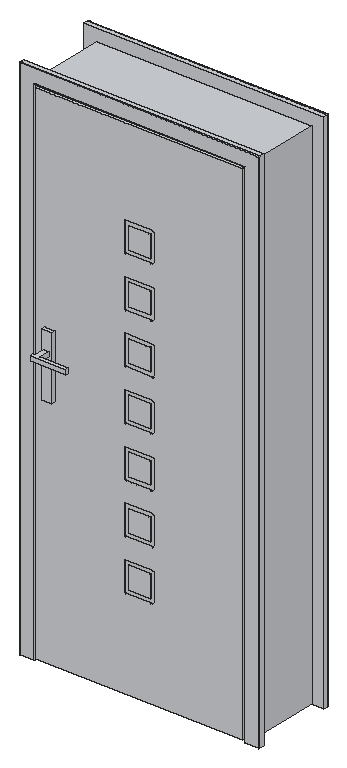
Revit family "PortaFOCUSbp_1C", category Drzwi, Revit 2016
Family settings
  Obiekt nadrzędny = Ściana
  Zawsze pionowo = Tak
  Tnij formami wycięć po wczytaniu = Nie
  Współdzielony = Nie
  Punkt obliczania pomieszczeń = Nie
Parameters (values of type "PN 80")
  Zakres szerokości muru [instance] = if(and(Szerokość ściany > 94 mm, Szerokość ściany < 120 mm), "B", (if(and(Szerokość ściany > 119 mm, Szerokość ściany < 140 mm), "C", (if(and(Szerokość ściany > 139 mm, Szerokość ściany < 160 mm), "D", (if(and(Szerokość ściany > 159 mm, Szerokość ściany < 180 mm), "E", (if(and(Szerokość ściany > 179 mm, Szerokość ściany < 200 mm), "F", (if(and(Szerokość ściany > 199 mm, Szerokość ściany < 220 mm), "G", (if(and(Szerokość ściany > 219 mm, Szerokość ściany < 240 mm), "H", (if(and(Szerokość ściany > 239 mm, Szerokość ściany < 260 mm), "I", (if(and(Szerokość ściany > 259 mm, Szerokość ściany < 280 mm), "J", (if(and(Szerokość ściany > 279 mm, Szerokość ściany < 301 mm), "K", "BRAK")))))))))))))))))))  # "K"
  Wysokość brutto = 2060 mm
  Szerokość ściany [instance] = 300 mm
  Szerokość brutto = 880 mm
  Model = "Porta Focus 1C"
  Konstrukcja analityczna = "<Brak>"
  Funkcja = Wewnętrzna
  URL = "www.porta.com.pl"
  Ss = 818 mm
  Sb = 846 mm
  Producent = "PORTA KMI POLAND"
  Keynote = ""
  Opis = "Własność Porta KMI Poland, wszelkie prawa zastrzeżone."  # constant formula
  Wysokość = 2016 mm
  Zakończenie ściany = Wg obiektu nadrzędnego
  Szerokość = 800 mm
  Materiał_skrzydło [instance] = none
  Materiał_ościeżnica [instance] = none
  Materiał_klamka [instance] = none
  Hs = 2017 mm
Types (5, lengths in mm): name | Szerokość brutto | Ss | Sb | Szerokość
  PN 70 | 780 | 718 | 746 | 700
  PN 60 | 680 | 618 | 646 | 600
  PN 80 | 880 | 818 | 846 | 800
  PN 90 | 980 | 918 | 946 | 900
  PN 100 | 1080 | 1018 | 1046 | 1000
Reference planes
  plane 1: y = 0
  plane 2 "Środek (Lewa/Prawa)": x = 0
  plane 3 "Lewy": x = -440
  plane 4 "Prawy": x = 440
  plane 5: z = 2060
  plane 6 "Zewnętrzna": y = 150
  plane 7 "Wewnętrzna": y = -150
  plane 8 "skrzydło": y = -129
Forms (mm)
  Sweep 1, solid, material <- "Materiał_ościeżnica"
    path in 3D
      loop
        line (-440, -150, 0) -> (-440, -150, 2060) -> (440, -150, 2060) -> (440, -150, 0)
    profile origin (-440, -150, 1030) x (0, -1, 0) y (1, 0, 0)
      loop
        line (-24, 39) -> (-72, 39) -> (-72, 17) -> (0, 17) -> (0, -33) -> (16, -33)
        arc (16, -33) -> (18.121, -32.121) -> (19, -30) r 3
        line (19, -30) -> (19, 24)
        arc (19, 24) -> (18.121, 26.121) -> (16, 27) r 3
        line (16, 27) -> (-24, 27) -> (-24, 39)
  Sweep 2, solid, material <- "Materiał_ościeżnica"
    path in 3D
      loop
        line (440, 150, 0) -> (440, 150, 2060) -> (-440, 150, 2060) -> (-440, 150, 0)
    profile origin (-440, 150, 1030) x (1, 0, 0) y (0, 1, 0)
      loop
        line (-33, 0) -> (17, 0) -> (17, -228) -> (39, -228) -> (39, -1)
        arc (39, -1) -> (37.536, 2.536) -> (34, 4) r 5
        line (34, 4) -> (25, 4) -> (25, 16)
        arc (25, 16) -> (24.121, 18.121) -> (22, 19) r 3
        line (22, 19) -> (-30, 19)
        arc (-30, 19) -> (-32.121, 18.121) -> (-33, 16) r 3
        line (-33, 16) -> (-33, 0)
  Sweep 3, solid, not visible
    path in 3D
      loop
        line (-440, -150, 0) -> (-440, -150, 2060)
    profile origin (-440, -150, 1030) x (0, -1, 0) y (1, 0, 0)
      loop
        line (-151, 17) -> (-149, 17) -> (-149, 19) -> (-151, 19) -> (-151, 17)
Cuts and joins
  joined: Sweep 1, Sweep 2
Lines and regions (mm)
  Opening 1
    outline origin (-3050, -150, 0) x (1, 0, 0) y (0, 0, 1)
      loop
        line (2610, 0) -> (3490, 0) -> (3490, 2060) -> (2610, 2060) -> (2610, 0)
  sketch lines
    curve 1: line (-440, -150, 0) -> (-440, -150, 2060)
    curve 2: line (-440, -150, 2060) -> (440, -150, 2060)
    curve 3: line (440, -150, 2060) -> (440, -150, 0)
    curve 4: line (-440, 150, 2060) -> (-440, 150, 0)
    curve 5: line (440, 150, 2060) -> (-440, 150, 2060)
    curve 6: line (440, 150, 0) -> (440, 150, 2060)
    curve 12: line (-440, -150, 0) -> (-440, -150, 2060)
  symbolic lines, style "DoorsPanelProjection"
    curve 7: line (409, -150, 0) -> (409, -968, 0)
    curve 8: line (409, -968, 0) -> (369, -968, 0)
    curve 9: line (369, -968, 0) -> (369, -150, 0)
    curve 10: line (369, -150, 0) -> (409, -150, 0)
  symbolic lines, style "Ugięcie rzutu"
    curve 11: arc (-409, -150, 0) -> (-169.413, -728.413, 0) -> (409, -968, 0) r 818
Text (mm)
  text "Zewnętrzna" at (-2295.016, 1099.543, 0), in view "Poziom odniesienia"
  text "Zewnętrzna" at (0, 1615.38, 3698.081), in view "Lewy"
  text "Zewnętrzna" at (0, 1036.032, 3874.932), in view "Prawy"
Dimensions and locks
  equal spacing: plane 3 "Lewy", plane 2 "Środek (Lewa/Prawa)", plane 4 "Prawy"
  "Szerokość brutto": plane 3 "Lewy" to plane 4 "Prawy"
  "Wysokość brutto": plane 5 to host wall
  host wall to plane 5 = 2060 mm  (x2)
  locked: plane 6 "Zewnętrzna" to host wall at 0
  locked: plane 7 "Wewnętrzna" to host wall
  "Sb": Sweep 1 to Sweep 1
  locked: Sweep 1 sketch curve to Sweep 1 sketch curve at 22
  Sweep 1 sketch curve to Sweep 1 sketch curve = 50 mm
  locked: Sweep 1 sketch curve to profile plane at 72
  locked: Sweep 2 sketch curve to Sweep 2 sketch curve at 50
  locked: Sweep 2 sketch curve to Sweep 2 sketch curve at 22
  locked: Sweep 2 sketch curve to plane 6 "Zewnętrzna" at 1
  locked: curve 9 to curve 7 at 40
  "Ss": curve 8 to curve 10
  equal spacing: curve 11, plane 2 "Środek (Lewa/Prawa)", curve 7
  locked: plane 7 "Wewnętrzna" to plane 8 "skrzydło" at 21
  locked: host wall to Sweep 3 sketch curve at 1
  locked: Sweep 3 sketch curve to host wall at 1
  locked: Sweep 3 sketch curve to plane 6 "Zewnętrzna" at 151
  locked: plane 7 "Wewnętrzna" to Sweep 3 sketch curve at 151
  nested 1 to plane 2 "Środek (Lewa/Prawa)" to nested 1 = 409 mm, 409 mm
  locked: nested 1 to level at 8
  "Szerokość ściany": host wall to host wall
  aligned and locked: plane 3 "Lewy" to Opening 1 sketch curve
  aligned and locked: plane 5 to Opening 1 sketch curve  (x2)
  aligned and locked: Opening 1 sketch curve to plane 4 "Prawy"
  aligned and locked: Opening 1 sketch curve to level
  aligned and locked: plane 1 to host wall
  aligned and locked: Sweep 1 to Sweep 2 sketch curve
  aligned and locked: plane 7 "Wewnętrzna" to curve 10
  aligned and locked: Sweep 3 sketch curve to cut or joined group of Sweep 1, Sweep 2
  aligned and locked: Sweep 2 sketch curve to cut or joined group of Sweep 1, Sweep 2
  aligned and locked: nested 1 to plane 8 "skrzydło"
  aligned and locked: plane 2 "Środek (Lewa/Prawa)" to nested 1
Automatic sketch dimensions
  profile plane to Sweep 1 sketch curve = 24 mm
  Sweep 1 sketch curve to profile plane = 16 mm  (x2)
  Sweep 1 sketch curve to Sweep 1 sketch curve = 3 mm
  profile plane to Sweep 1 sketch curve = 17 mm
  Sweep 1 sketch curve to Sweep 1 sketch curve = 7 mm
  Sweep 1 sketch curve to profile plane = 0 mm
  Sweep 2 sketch curve to profile plane = 0 mm
  Sweep 2 sketch curve to profile plane = 16 mm
  Sweep 2 sketch curve to Sweep 2 sketch curve = 3 mm
  Sweep 2 sketch curve to Sweep 2 sketch curve = 5 mm
  Sweep 2 sketch curve to profile plane = 4 mm
  Sweep 2 sketch curve to Sweep 2 sketch curve = 8 mm
  curve 11 to host wall = 0 mm
  Sweep 3 sketch curve to Sweep 3 sketch curve = 2 mm
Nested families
  nested 1: "skrzydło" at (0, -135.5, 0), Materiał_klamka <- "Materiał_klamka", Materiał_skrzydło <- "Materiał_skrzydło", type "skrzydło"
    with Materiał_skrzydło none, Materiał_klamka none
Definition of nested family "skrzydło"
  Parameters
    Ss = 818 mm
    Materiał_skrzydło [instance] = none
    Materiał_klamka [instance] = none
    Hs = 2017 mm
  Reference planes
    plane 1 "Tył": y = 6.5
    plane 2: z = 0
    plane 3 "Środek (Lewa/Prawa)": x = 0
    plane 4 "Przód": y = -33.5
    plane 5: z = 2025
    plane 6 "Centrum": y = -13.5
    plane 7: z = 8
    plane 8: x = -409
    plane 9: x = 409
  Forms (mm)
    Extrusion 1, solid, material <- "Materiał_skrzydło"
      sketch origin (-1191.728, -1524, 8) x (-1, 0, 0) y (0, -1, 0)
        loop
          line (-1600.728, -1490.5) -> (-1600.728, -1530.5) -> (-782.728, -1530.5) -> (-782.728, -1490.5) -> (-1600.728, -1490.5)
      from 0 to 2017
    Extrusion 2, void
      sketch origin (-2050.117, -33.5, 1200) x (1, 0, 0) y (0, 0, 1)
        loop
          arc (2110.117, 473.75) -> (2107.408, 480.291) -> (2100.867, 483) r 9.25
          line (2100.867, 483) -> (1999.367, 483)
          arc (1999.367, 483) -> (1992.826, 480.291) -> (1990.117, 473.75) r 9.25
          line (1990.117, 473.75) -> (1990.117, 372.25)
          arc (1990.117, 372.25) -> (1992.826, 365.709) -> (1999.367, 363) r 9.25
          line (1999.367, 363) -> (2100.867, 363)
          arc (2100.867, 363) -> (2107.408, 365.709) -> (2110.117, 372.25) r 9.25
          line (2110.117, 372.25) -> (2110.117, 473.75)
        loop
          arc (2110.117, 273.75) -> (2107.408, 280.291) -> (2100.867, 283) r 9.25
          line (2100.867, 283) -> (1999.367, 283)
          arc (1999.367, 283) -> (1992.826, 280.291) -> (1990.117, 273.75) r 9.25
          line (1990.117, 273.75) -> (1990.117, 172.25)
          arc (1990.117, 172.25) -> (1992.826, 165.709) -> (1999.367, 163) r 9.25
          line (1999.367, 163) -> (2100.867, 163)
          arc (2100.867, 163) -> (2107.408, 165.709) -> (2110.117, 172.25) r 9.25
          line (2110.117, 172.25) -> (2110.117, 273.75)
        loop
          arc (2110.117, 73.75) -> (2107.408, 80.291) -> (2100.867, 83) r 9.25
          line (2100.867, 83) -> (1999.367, 83)
          arc (1999.367, 83) -> (1992.826, 80.291) -> (1990.117, 73.75) r 9.25
          line (1990.117, 73.75) -> (1990.117, -27.75)
          arc (1990.117, -27.75) -> (1992.826, -34.291) -> (1999.367, -37) r 9.25
          line (1999.367, -37) -> (2100.867, -37)
          arc (2100.867, -37) -> (2107.408, -34.291) -> (2110.117, -27.75) r 9.25
          line (2110.117, -27.75) -> (2110.117, 73.75)
        loop
          arc (2100.867, -237) -> (2107.408, -234.291) -> (2110.117, -227.75) r 9.25
          line (2110.117, -227.75) -> (2110.117, -126.25)
          arc (2110.117, -126.25) -> (2107.408, -119.709) -> (2100.867, -117) r 9.25
          line (2100.867, -117) -> (1999.367, -117)
          arc (1999.367, -117) -> (1992.826, -119.709) -> (1990.117, -126.25) r 9.25
          line (1990.117, -126.25) -> (1990.117, -227.75)
          arc (1990.117, -227.75) -> (1992.826, -234.291) -> (1999.367, -237) r 9.25
          line (1999.367, -237) -> (2100.867, -237)
        loop
          arc (2110.117, -326.25) -> (2107.408, -319.709) -> (2100.867, -317) r 9.25
          line (2100.867, -317) -> (1999.367, -317)
          arc (1999.367, -317) -> (1992.826, -319.709) -> (1990.117, -326.25) r 9.25
          line (1990.117, -326.25) -> (1990.117, -427.75)
          arc (1990.117, -427.75) -> (1992.826, -434.291) -> (1999.367, -437) r 9.25
          line (1999.367, -437) -> (2100.867, -437)
          arc (2100.867, -437) -> (2107.408, -434.291) -> (2110.117, -427.75) r 9.25
          line (2110.117, -427.75) -> (2110.117, -326.25)
        loop
          arc (2110.117, -526.25) -> (2107.408, -519.709) -> (2100.867, -517) r 9.25
          line (2100.867, -517) -> (1999.367, -517)
          arc (1999.367, -517) -> (1992.826, -519.709) -> (1990.117, -526.25) r 9.25
          line (1990.117, -526.25) -> (1990.117, -627.75)
          arc (1990.117, -627.75) -> (1992.826, -634.291) -> (1999.367, -637) r 9.25
          line (1999.367, -637) -> (2100.867, -637)
          arc (2100.867, -637) -> (2107.408, -634.291) -> (2110.117, -627.75) r 9.25
          line (2110.117, -627.75) -> (2110.117, -526.25)
        loop
          arc (2110.117, -726.25) -> (2107.408, -719.709) -> (2100.867, -717) r 9.25
          line (2100.867, -717) -> (1999.367, -717)
          arc (1999.367, -717) -> (1992.826, -719.709) -> (1990.117, -726.25) r 9.25
          line (1990.117, -726.25) -> (1990.117, -827.75)
          arc (1990.117, -827.75) -> (1992.826, -834.291) -> (1999.367, -837) r 9.25
          line (1999.367, -837) -> (2100.867, -837)
          arc (2100.867, -837) -> (2107.408, -834.291) -> (2110.117, -827.75) r 9.25
          line (2110.117, -827.75) -> (2110.117, -726.25)
        loop
          line (2093.517, 179.6) -> (2093.517, 266.4) -> (2006.717, 266.4) -> (2006.717, 179.6) -> (2093.517, 179.6)
        loop
          line (2093.517, 379.6) -> (2093.517, 466.4) -> (2006.717, 466.4) -> (2006.717, 379.6) -> (2093.517, 379.6)
        loop
          line (2093.517, -220.4) -> (2093.517, -133.6) -> (2006.717, -133.6) -> (2006.717, -220.4) -> (2093.517, -220.4)
        loop
          line (2093.517, -20.4) -> (2093.517, 66.4) -> (2006.717, 66.4) -> (2006.717, -20.4) -> (2093.517, -20.4)
        loop
          line (2093.517, -420.4) -> (2093.517, -333.6) -> (2006.717, -333.6) -> (2006.717, -420.4) -> (2093.517, -420.4)
        loop
          line (2093.517, -620.4) -> (2093.517, -533.6) -> (2006.717, -533.6) -> (2006.717, -620.4) -> (2093.517, -620.4)
        loop
          line (2093.517, -820.4) -> (2093.517, -733.6) -> (2006.717, -733.6) -> (2006.717, -820.4) -> (2093.517, -820.4)
      from -1 to 10
    Extrusion 3, void
      sketch origin (-2050.117, 6.5, 1200) x (1, 0, 0) y (0, 0, -1)
        loop
          line (2110.117, -473.75) -> (2110.117, -372.25)
          arc (2110.117, -372.25) -> (2107.408, -365.709) -> (2100.867, -363) r 9.25
          line (2100.867, -363) -> (1999.367, -363)
          arc (1999.367, -363) -> (1992.826, -365.709) -> (1990.117, -372.25) r 9.25
          line (1990.117, -372.25) -> (1990.117, -473.75)
          arc (1990.117, -473.75) -> (1992.826, -480.291) -> (1999.367, -483) r 9.25
          line (1999.367, -483) -> (2100.867, -483)
          arc (2100.867, -483) -> (2107.408, -480.291) -> (2110.117, -473.75) r 9.25
        loop
          line (2110.117, -273.75) -> (2110.117, -172.25)
          arc (2110.117, -172.25) -> (2107.408, -165.709) -> (2100.867, -163) r 9.25
          line (2100.867, -163) -> (1999.367, -163)
          arc (1999.367, -163) -> (1992.826, -165.709) -> (1990.117, -172.25) r 9.25
          line (1990.117, -172.25) -> (1990.117, -273.75)
          arc (1990.117, -273.75) -> (1992.826, -280.291) -> (1999.367, -283) r 9.25
          line (1999.367, -283) -> (2100.867, -283)
          arc (2100.867, -283) -> (2107.408, -280.291) -> (2110.117, -273.75) r 9.25
        loop
          line (2110.117, -73.75) -> (2110.117, 27.75)
          arc (2110.117, 27.75) -> (2107.408, 34.291) -> (2100.867, 37) r 9.25
          line (2100.867, 37) -> (1999.367, 37)
          arc (1999.367, 37) -> (1992.826, 34.291) -> (1990.117, 27.75) r 9.25
          line (1990.117, 27.75) -> (1990.117, -73.75)
          arc (1990.117, -73.75) -> (1992.826, -80.291) -> (1999.367, -83) r 9.25
          line (1999.367, -83) -> (2100.867, -83)
          arc (2100.867, -83) -> (2107.408, -80.291) -> (2110.117, -73.75) r 9.25
        loop
          line (2100.867, 237) -> (1999.367, 237)
          arc (1999.367, 237) -> (1992.826, 234.291) -> (1990.117, 227.75) r 9.25
          line (1990.117, 227.75) -> (1990.117, 126.25)
          arc (1990.117, 126.25) -> (1992.826, 119.709) -> (1999.367, 117) r 9.25
          line (1999.367, 117) -> (2100.867, 117)
          arc (2100.867, 117) -> (2107.408, 119.709) -> (2110.117, 126.25) r 9.25
          line (2110.117, 126.25) -> (2110.117, 227.75)
          arc (2110.117, 227.75) -> (2107.408, 234.291) -> (2100.867, 237) r 9.25
        loop
          line (2110.117, 326.25) -> (2110.117, 427.75)
          arc (2110.117, 427.75) -> (2107.408, 434.291) -> (2100.867, 437) r 9.25
          line (2100.867, 437) -> (1999.367, 437)
          arc (1999.367, 437) -> (1992.826, 434.291) -> (1990.117, 427.75) r 9.25
          line (1990.117, 427.75) -> (1990.117, 326.25)
          arc (1990.117, 326.25) -> (1992.826, 319.709) -> (1999.367, 317) r 9.25
          line (1999.367, 317) -> (2100.867, 317)
          arc (2100.867, 317) -> (2107.408, 319.709) -> (2110.117, 326.25) r 9.25
        loop
          line (2110.117, 526.25) -> (2110.117, 627.75)
          arc (2110.117, 627.75) -> (2107.408, 634.291) -> (2100.867, 637) r 9.25
          line (2100.867, 637) -> (1999.367, 637)
          arc (1999.367, 637) -> (1992.826, 634.291) -> (1990.117, 627.75) r 9.25
          line (1990.117, 627.75) -> (1990.117, 526.25)
          arc (1990.117, 526.25) -> (1992.826, 519.709) -> (1999.367, 517) r 9.25
          line (1999.367, 517) -> (2100.867, 517)
          arc (2100.867, 517) -> (2107.408, 519.709) -> (2110.117, 526.25) r 9.25
        loop
          line (2110.117, 726.25) -> (2110.117, 827.75)
          arc (2110.117, 827.75) -> (2107.408, 834.291) -> (2100.867, 837) r 9.25
          line (2100.867, 837) -> (1999.367, 837)
          arc (1999.367, 837) -> (1992.826, 834.291) -> (1990.117, 827.75) r 9.25
          line (1990.117, 827.75) -> (1990.117, 726.25)
          arc (1990.117, 726.25) -> (1992.826, 719.709) -> (1999.367, 717) r 9.25
          line (1999.367, 717) -> (2100.867, 717)
          arc (2100.867, 717) -> (2107.408, 719.709) -> (2110.117, 726.25) r 9.25
        loop
          line (2093.517, -179.6) -> (2006.717, -179.6) -> (2006.717, -266.4) -> (2093.517, -266.4) -> (2093.517, -179.6)
        loop
          line (2093.517, -379.6) -> (2006.717, -379.6) -> (2006.717, -466.4) -> (2093.517, -466.4) -> (2093.517, -379.6)
        loop
          line (2093.517, 220.4) -> (2006.717, 220.4) -> (2006.717, 133.6) -> (2093.517, 133.6) -> (2093.517, 220.4)
        loop
          line (2093.517, 20.4) -> (2006.717, 20.4) -> (2006.717, -66.4) -> (2093.517, -66.4) -> (2093.517, 20.4)
        loop
          line (2093.517, 420.4) -> (2006.717, 420.4) -> (2006.717, 333.6) -> (2093.517, 333.6) -> (2093.517, 420.4)
        loop
          line (2093.517, 620.4) -> (2006.717, 620.4) -> (2006.717, 533.6) -> (2093.517, 533.6) -> (2093.517, 620.4)
        loop
          line (2093.517, 820.4) -> (2006.717, 820.4) -> (2006.717, 733.6) -> (2093.517, 733.6) -> (2093.517, 820.4)
      from -1 to 10
  Cuts and joins
    Extrusion 2, Extrusion 3 cuts Extrusion 1
  Dimensions and locks
    locked: plane 7 to level at 8
    "Hs": plane 5 to plane 7
    locked: nested 1 to plane 7 at 934
    locked: plane 7 to nested 2 at 934
    equal spacing: plane 4 "Przód", plane 6 "Centrum", plane 1 "Tył"
    equal spacing: plane 8, plane 3 "Środek (Lewa/Prawa)", plane 9
    "Ss": plane 8 to plane 9
    locked: plane 8 to nested 1 at 55
    locked: plane 8 to nested 2 at 55
    aligned and locked: nested 1 to plane 4 "Przód"
    aligned and locked: plane 5 to Extrusion 1
    aligned and locked: nested 2 to nested 1
    aligned and locked: Extrusion 1 sketch curve to plane 8
    aligned and locked: Extrusion 1 sketch curve to plane 9
  Automatic sketch dimensions
    plane 1 "Tył" to Extrusion 1 sketch curve = 0 mm
    Extrusion 1 sketch curve to plane 4 "Przód" = 0 mm
    Extrusion 2 sketch curve to plane 3 "Środek (Lewa/Prawa)" = 60 mm  (x7)
    Extrusion 2 sketch curve to Extrusion 2 sketch curve = 9.25 mm  (x21)
    Extrusion 2 sketch curve to Extrusion 2 sketch curve = 7.35 mm  (x35)
    plane 3 "Środek (Lewa/Prawa)" to Extrusion 2 sketch curve = 43.4 mm  (x7)
    plane 7 to Extrusion 2 sketch curve = 355 mm
    Extrusion 2 sketch curve to Extrusion 2 sketch curve = 86.8 mm  (x7)
    Extrusion 2 sketch curve to Extrusion 2 sketch curve = 80 mm  (x6)
    Extrusion 3 sketch curve to plane 3 "Środek (Lewa/Prawa)" = 60 mm  (x7)
    Extrusion 3 sketch curve to Extrusion 3 sketch curve = 9.25 mm  (x21)
    Extrusion 3 sketch curve to Extrusion 3 sketch curve = 7.35 mm  (x35)
    plane 3 "Środek (Lewa/Prawa)" to Extrusion 3 sketch curve = 43.4 mm  (x7)
    Extrusion 3 sketch curve to plane 5 = 342 mm
    Extrusion 3 sketch curve to Extrusion 3 sketch curve = 86.8 mm  (x7)
    Extrusion 3 sketch curve to Extrusion 3 sketch curve = 80 mm  (x6)
  Nested families
    nested 1: "KLAMKA" at (-354, -33.5, 1067), Materiał klamki <- "Materiał_klamka", type "KLAMKA"
      with Materiał klamki none
    nested 2: "KLAMKA" at (-354, 6.5, 1067), Materiał klamki <- "Materiał_klamka", type "KLAMKA"
      with Materiał klamki none
  Definition of nested family "KLAMKA"
    Parameters
      Materiał klamki [instance] = none
      Assembly Code = ""
      Default Elevation = 1219.2 mm
    Reference planes
      plane 1 "Center (Front/Back)": y = 0
      plane 2: z = 0
      plane 3 "Center (Left/Right)": x = 0
      plane 4: z = 125
      plane 5: z = -125
      plane 6: x = 20
      plane 7: x = -20
      plane 8: y = -70
      plane 9: y = -60
      plane 10: x = 10
      plane 11: x = -10
      plane 12: x = 120
      plane 13: z = 35
      plane 14: z = 55
      plane 15: y = -15
    Forms (mm)
      Extrusion 1, solid, material <- "Materiał klamki"
        sketch origin (0, 0, 0) x (1, 0, 0) y (0, 0, 1)
          loop
            line (-20, 125) -> (-20, -125) -> (20, -125) -> (20, 125) -> (-20, 125)
        from 0 to 15
      Extrusion 2, solid, material <- "Materiał klamki"
        sketch origin (0, 0, 0) x (1, 0, 0) y (0, 1, 0)
          loop
            line (-10, -15) -> (-10, -60) -> (-20, -60) -> (-20, -70) -> (120, -70) -> (120, -60) -> (10, -60) -> (10, -15) -> (-10, -15)
        from 35 to 55
    Dimensions and locks
      equal spacing: plane 4, plane 2, plane 5
      plane 4 to plane 5 = 250 mm
      equal spacing: plane 7, plane 3 "Center (Left/Right)", plane 6
      plane 7 to plane 6 = 40 mm
      plane 8 to plane 1 "Center (Front/Back)" = 70 mm
      plane 11 to plane 3 "Center (Left/Right)" to plane 10 = 10 mm locked, 10 mm locked
      plane 7 to plane 12 = 140 mm
      plane 15 to plane 1 "Center (Front/Back)" = 15 mm
      aligned and locked: plane 7 to Extrusion 1 sketch curve
      aligned and locked: Extrusion 1 sketch curve to plane 4
      aligned and locked: plane 5 to Extrusion 1 sketch curve
      aligned and locked: Extrusion 1 sketch curve to plane 6
      aligned and locked: plane 15 to Extrusion 1
      aligned and locked: Extrusion 1 to plane 1 "Center (Front/Back)"
      aligned and locked: plane 14 to Extrusion 2
      aligned and locked: Extrusion 2 to plane 13
    Automatic sketch dimensions
      Extrusion 2 sketch curve to plane 7 = 0 mm
      Extrusion 2 sketch curve to plane 9 = 0 mm  (x2)
      Extrusion 2 sketch curve to plane 11 = 0 mm
      Extrusion 2 sketch curve to plane 10 = 0 mm
      Extrusion 2 sketch curve to plane 12 = 0 mm
      Extrusion 2 sketch curve to plane 8 = 0 mm
      Extrusion 2 sketch curve to plane 15 = 0 mm
